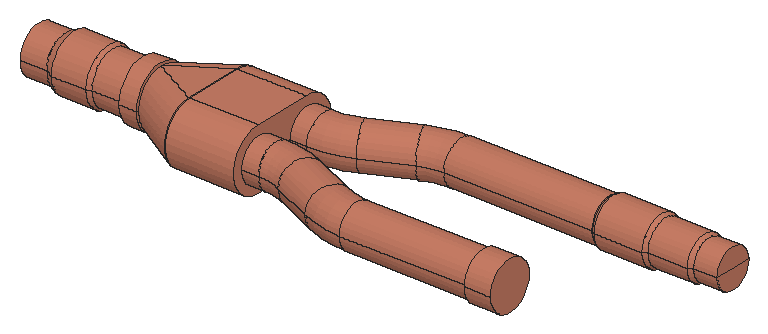
Revit family "Y_Branch-JCI-Cu_ACR-FxFxF-Heat_Pump-SA", category Pipe Fittings, Revit 2014
Parameters (values of type "Standard")
  Weight [instance] = 0.00 lbf
  URL = "http://www.johnsoncontrols.com/"
  Type Comments = "For use with copper ACR pipework"
  Tick Size 2 [instance] = Fitting Outside Diameter 2 * 0.4  # 1/2"
  Tick Size 1 [instance] = Fitting Outside Diameter 1 * 0.4  # 0.55"
  Socket Outside Radius 3 [instance] = Fitting Outside Radius 3 + 1" / 16  # 9/16"
  Socket Outside Radius 2 [instance] = Fitting Outside Radius 2 + 1/16"  # 11/16"
  Socket Outside Radius 1 [instance] = Fitting Outside Radius 1 + 1" / 16  # 3/4"
  Reducer 1 Length = 2"
  Pipe Radius 3 [instance] = Socket Outside Radius 3 + 1" / 8  # 11/16"
  Pipe Radius 2 [instance] = if(Nominal Diameter 1 > 1", Fitting Outside Radius 1 + 1" / 16, Fitting Outside Radius 1 + 1" / 8)  # 3/4"
  Pipe Radius 1 [instance] = if(Nominal Diameter 1 > 1", Fitting Outside Radius 1 + 1" / 8, Fitting Outside Radius 1 + 1" / 16)  # 13/16"
  Nominal Radius 3 [instance] = 7/16"
  Nominal Radius 2 [instance] = 9/16"
  Nominal Radius 1 [instance] = 5/8"
  Nominal Diameter 3 [instance] = Nominal Radius 3 * 2  # 7/8"
  Nominal Diameter 2 [instance] = Nominal Radius 2 * 2  # 1 1/8"
  Nominal Diameter 1 [instance] = Nominal Radius 1 * 2  # 1 1/4"
  Model = "21SA"
  Manufacturer = "Johnson Controls International"
  Manifold Length = 4"
  Loss Method = K Coefficient from Table
  Lookup Table Name = "Y_Branch-JCI-Cu_ACR-FxFxF-Heat_Pump-SA"
  Length 5 [instance] = Length 4 / tan(Angle 1)  # 2.14451"
  Length 4 [instance] = 1"
  Length 3 [instance] = Center Radius * tan(Angle 1 / 2)  # 0.49881"
  Length 2 [instance] = Reducer 1 Length + 1"  # 3"
  Length 1 [instance] = Pipe Radius 2 + 1" / 8  # 7/8"
  Fitting Outside Radius 3 [instance] = Fitting Outside Diameter 3 / 2  # 1/2"
  Fitting Outside Diameter 3 [instance] = Nominal Diameter 3 + 1/8"  # 1"
  End to End 2 [instance] = size_lookup(Lookup Table Name, "EtE2", 14 1/2", Nominal Diameter 1, Nominal Diameter 2, Nominal Diameter 3)  # 15.03937"
  End to End 1 [instance] = size_lookup(Lookup Table Name, "EtE1", 18", Nominal Diameter 1, Nominal Diameter 2, Nominal Diameter 3)  # 18.46457"
  K Coefficient Table = "Converging/Diverging Tee/Wye"
  built-in parameter 1114238 [instance] = (empty or 0)
  Fitting Outside Radius 2 [instance] = Fitting Outside Diameter 2 / 2  # 5/8"
  Fitting Outside Radius 1 [instance] = Fitting Outside Diameter 1 / 2  # 11/16"
  Fitting Outside Diameter 2 [instance] = Nominal Diameter 2 + 1/8"  # 1 1/4"
  Fitting Outside Diameter 1 [instance] = Nominal Diameter 1 + 1/8"  # 1 3/8"
  Description = "Y Branch"
  Copyright © = "Copyright © 2001-2017 Johnson Controls"  # constant formula
  Center Radius [instance] = Nominal Diameter 2 * 2  # 2 1/4"
  Branch Center to Center [instance] = size_lookup(Lookup Table Name, "BCtC", 3 1/2", Nominal Diameter 1, Nominal Diameter 2, Nominal Diameter 3)  # 3.74016"
  Body Material = Metal - JCI - Copper
  Assembly Code = "D2090800"
  Angle 1 [instance] = 25.00°  # constant formula
Reference planes (in)
  plane 1 "Center (Front/Back)": y = 0
  plane 2 "CC": z = 0
  plane 3 "Center (Left/Right)": x = 0
  plane 4: x = 18.46457
  plane 5: x = 15.03937
  plane 6: x = 2
  plane 7: x = 1
  plane 8: x = 3
  plane 9: x = 3.5
  plane 10: x = 7
  plane 11: x = 5
  plane 12: y = 1.87008
  plane 13: y = -1.87008
  plane 14: x = 10.64213
  plane 15: x = 0.75
  plane 16: y = 0.87008
  plane 17: y = -0.87008
  plane 18: x = 7.5
  plane 19: y = -0.37992
  plane 20: y = 3.12008
  plane 21: x = 7.99881
  plane 22: x = 10.14332
  plane 23: y = 0.37992
  plane 24: y = -3.12008
  plane 25: x = 14.28937
  plane 26: x = 17.77953
  plane 27: x = 16.40945
  plane 28: y = -0.37992
  plane 29: y = 3.12008
  plane 30: y = 0.37992
  plane 31: y = -3.12008
  plane 32: x = 15.72441
  plane 33: x = 17.09449
  plane 34: x = 14.91437
Forms (in)
  Revolve 1, solid, material "Metal - JCI - Copper" <- "Body Material", detail levels fine
    sketch origin (0, 0, 0) x (0, -1, 0) y (1, 0, 0)
      loop
        line (-0.6875, 0) -> (0, 0) -> (0, 3.5) -> (-0.875, 3.5) -> (-0.875, 3) -> (-0.75, 3) -> (-0.75, 2.10825) -> (-0.8125, 2) -> (-0.8125, 1) -> (-0.6875, 0.75) -> (-0.6875, 0)
      axis (0, 0) -> (0, 3.5)
    angle from 0 to 360
  Blend 2, solid, material "Metal - JCI - Copper" <- "Body Material", detail levels fine
    base sketch origin (0, 0, 0) x (0, 1, 0) y (0, 0, 1)
      loop
        arc (-0.01563, 0.8125) -> (-0.82813, 0) -> (-0.01563, -0.8125) r 0.8125
        line (-0.01563, -0.8125) -> (0.01562, -0.8125)
        arc (0.01562, -0.8125) -> (0.82812, 0) -> (0.01562, 0.8125) r 0.8125
        line (0.01562, 0.8125) -> (-0.01563, 0.8125)
    top sketch origin (0, 0, 0) x (0, 1, 0) y (0, 0, 1)
      loop
        arc (0.87008, -0.875) -> (1.74508, 0) -> (0.87008, 0.875) r 0.875
        line (0.87008, 0.875) -> (-0.87008, 0.875)
        arc (-0.87008, 0.875) -> (-1.74508, 0) -> (-0.87008, -0.875) r 0.875
        line (-0.87008, -0.875) -> (0.87008, -0.875)
    from 3.5 to 5
  Extrusion 3, solid, material "Metal - JCI - Copper" <- "Body Material", detail levels fine
    sketch origin (0, 0, 0) x (0, 1, 0) y (0, 0, 1)
      loop
        arc (0.87008, -0.875) -> (1.74508, 0) -> (0.87008, 0.875) r 0.875
        line (0.87008, 0.875) -> (-0.87008, 0.875)
        arc (-0.87008, 0.875) -> (-1.74508, 0) -> (-0.87008, -0.875) r 0.875
        line (-0.87008, -0.875) -> (0.87008, -0.875)
    from 5 to 7
  Sweep 4, solid, material "Metal - JCI - Copper" <- "Body Material", detail levels fine
    path origin (0, 0, 0) x (1, 0, 0) y (0, 1, 0)
      loop
        line (7, 0.87008) -> (7.5, 0.87008)
        arc (7.5, 0.87008) -> (7.98699, 0.92341) -> (8.45089, 1.08089) r 2.25
        line (8.45089, 1.08089) -> (9.69124, 1.65927)
        arc (9.69124, 1.65927) -> (10.15514, 1.81674) -> (10.64213, 1.87008) r 2.25
        line (10.64213, 1.87008) -> (14.91437, 1.87008)
    profile origin (7.5, 0.87008, 0) x (0, 1, 0) y (0, 0, 1)
      loop
        circle (0, 0) r 0.625
  Sweep 5, solid, material "Metal - JCI - Copper" <- "Body Material", detail levels fine
    path origin (0, 0, 0) x (1, 0, 0) y (0, 1, 0)
      loop
        line (14.28937, -1.87008) -> (10.64213, -1.87008)
        arc (10.64213, -1.87008) -> (10.15514, -1.81674) -> (9.69124, -1.65927) r 2.25
        line (9.69124, -1.65927) -> (8.45089, -1.08089)
        arc (8.45089, -1.08089) -> (7.98699, -0.92341) -> (7.5, -0.87008) r 2.25
        line (7.5, -0.87008) -> (7, -0.87008)
    profile origin (14.28937, -1.87008, 0) x (0, -1, 0) y (0, 0, 1)
      loop
        circle (0, 0) r 0.625
  Revolve 6, solid, material "Metal - JCI - Copper" <- "Body Material", detail levels fine
    sketch origin (0, 0, 0) x (1, 0, 0) y (0, 1, 0)
      loop
        line (14.91437, 1.87008) -> (18.46457, 1.87008) -> (18.46457, 2.43258) -> (17.77953, 2.43258) -> (17.67127, 2.49508) -> (16.5177, 2.49508) -> (16.40945, 2.55758) -> (15.03937, 2.55758) -> (14.91437, 2.49508) -> (14.91437, 1.87008)
      axis (14.91437, 1.87008) -> (18.46457, 1.87008)
    angle from 0 to 360
  Extrusion 7, solid, material "Metal - JCI - Copper" <- "Body Material", detail levels fine
    sketch origin (0, 0, 0) x (0, 1, 0) y (0, 0, 1)
      loop
        circle (-1.87008, 0) r 0.6875
    from 14.28937 to 15.03937
Lines and regions (in)
  model lines, detail levels coarse+medium
    curve 1: line (0, 0.55, 0) -> (0, -0.55, 0)
    curve 7: arc (7.5, 0.87008, 0) -> (7.98699, 0.92341, 0) -> (8.45089, 1.08089, 0) r 2.25
    curve 8: arc (10.64213, 1.87008, 0) -> (10.15514, 1.81674, 0) -> (9.69124, 1.65927, 0) r 2.25
    curve 9: line (8.45089, 1.08089, 0) -> (9.69124, 1.65927, 0)
    curve 10: line (18.46457, 2.42008, 0) -> (18.46457, 1.32008, 0)
    curve 11: line (15.03937, -1.32008, 0) -> (15.03937, -2.42008, 0)
    curve 13: arc (7.5, -0.87008, 0) -> (7.98699, -0.92341, 0) -> (8.45089, -1.08089, 0) r 2.25
    curve 14: arc (10.64213, -1.87008, 0) -> (10.15514, -1.81674, 0) -> (9.69124, -1.65927, 0) r 2.25
    curve 15: line (8.45089, -1.08089, 0) -> (9.69124, -1.65927, 0)
  model lines, style "PipeFitting", detail levels coarse+medium
    curve 2: line (7.5, 0.87008, 0) -> (5, 0.87008, 0)
    curve 3: line (10.64213, 1.87008, 0) -> (18.46457, 1.87008, 0)
    curve 4: line (5, 0.87008, 0) -> (5, -0.87008, 0)
    curve 5: line (5, -0.87008, 0) -> (7.5, -0.87008, 0)
    curve 6: line (0, 0, 0) -> (5, 0, 0)
    curve 12: line (10.64213, -1.87008, 0) -> (15.03937, -1.87008, 0)
  model lines, style "PipeFittingCenterLine", detail levels fine
    curve 16: line (7.5, 0.87008, 0) -> (5, 0.87008, 0)
    curve 17: line (10.64213, 1.87008, 0) -> (18.46457, 1.87008, 0)
    curve 18: line (5, 0.87008, 0) -> (5, -0.87008, 0)
    curve 19: line (5, -0.87008, 0) -> (7.5, -0.87008, 0)
    curve 20: line (0, 0, 0) -> (5, 0, 0)
    curve 21: arc (7.5, 0.87008, 0) -> (7.98699, 0.92341, 0) -> (8.45089, 1.08089, 0) r 2.25
    curve 22: arc (10.64213, 1.87008, 0) -> (10.15514, 1.81674, 0) -> (9.69124, 1.65927, 0) r 2.25
    curve 23: line (8.45089, 1.08089, 0) -> (9.69124, 1.65927, 0)
    curve 24: line (10.64213, -1.87008, 0) -> (15.03937, -1.87008, 0)
    curve 25: arc (7.5, -0.87008, 0) -> (7.98699, -0.92341, 0) -> (8.45089, -1.08089, 0) r 2.25
    curve 26: arc (10.64213, -1.87008, 0) -> (10.15514, -1.81674, 0) -> (9.69124, -1.65927, 0) r 2.25
    curve 27: line (8.45089, -1.08089, 0) -> (9.69124, -1.65927, 0)
Dimensions and locks (in)
  "End to End 1": plane 3 "Center (Left/Right)" to plane 4
  "End to End 2": plane 3 "Center (Left/Right)" to plane 5
  "Reducer 1 Length": plane 3 "Center (Left/Right)" to plane 6
  locked: plane 8 to plane 9 at 0.5
  "Manifold Length": plane 8 to plane 10
  equal spacing: plane 8, plane 11, plane 10
  equal spacing: plane 12, plane 1 "Center (Front/Back)", plane 13
  "Branch Center to Center": plane 12 to plane 13
  equal spacing: plane 3 "Center (Left/Right)", plane 7, plane 6
  "Fitting Outside Radius 1": Revolve 1 sketch curve to Revolve 1 sketch curve
  "Length 1": Revolve 1 sketch curve to Revolve 1 sketch curve
  "Length 4": plane 12 to plane 16
  "Length 4": plane 17 to plane 13
  locked: plane 1 "Center (Front/Back)" to Blend 2 sketch curve at 0.01562
  locked: Blend 2 sketch curve to plane 1 "Center (Front/Back)" at 0.01562
  locked: plane 10 to plane 18 at 0.5
  "Center Radius": plane 12 to plane 19
  "Center Radius": plane 20 to plane 16
  "Length 5": plane 21 to plane 22
  "Length 3": plane 18 to plane 21
  "Length 3": plane 22 to plane 14
  "Center Radius": plane 17 to plane 24
  "Center Radius": plane 23 to plane 13
  plane 25 to plane 5 = 3/4"
  equal spacing: plane 5, plane 32, plane 27, plane 33, plane 26, plane 4
  equal spacing: Revolve 6 sketch curve, Revolve 6 sketch curve, Revolve 6 sketch curve
  "Socket Outside Radius 3": Revolve 6 sketch curve to Revolve 6 sketch curve
  "Pipe Radius 3": Revolve 6 sketch curve to Revolve 6 sketch curve
  "Center Radius": plane 29 to plane 16
  "Center Radius": plane 12 to plane 28
  equal spacing: curve 11, plane 13, curve 11
  equal spacing: curve 10, plane 12, curve 10
  "Tick Size 1": curve 10 to plane 12
  "Tick Size 1": curve 11 to plane 13
  "Center Radius": plane 31 to plane 17
  "Center Radius": plane 13 to plane 30
  equal spacing: curve 1, plane 1 "Center (Front/Back)", curve 1
  "Tick Size 1": plane 1 "Center (Front/Back)" to curve 1
  "Pipe Radius 1": Revolve 1 sketch curve to Revolve 1 sketch curve
  "Pipe Radius 2": Revolve 1 sketch curve to Revolve 1 sketch curve
  locked: plane 15 to plane 7 at 0.25
  locked: plane 34 to plane 5 at 0.125
  "Fitting Outside Radius 2": Revolve 6 sketch curve to Revolve 6 sketch curve
  "Length 2": plane 3 "Center (Left/Right)" to plane 8
  "Length 1": radius of Blend 2 sketch curve  (x2)
  "Length 1": radius of Extrusion 3 sketch curve  (x2)
  "Center Radius": radius of Sweep 4 sketch curve
  "Fitting Outside Radius 2": radius of Sweep 4 sketch curve
  "Fitting Outside Radius 2": radius of Sweep 5 sketch curve
  "Center Radius": radius of Sweep 5 sketch curve  (x2)
  "Socket Outside Radius 2": radius of Extrusion 7 sketch curve
  "Center Radius": radius of curve 7
  "Center Radius": radius of curve 8
  "Pipe Radius 1": radius of Blend 2 sketch curve  (x2)
  "Angle 1": angle Sweep 4 sketch curve to Sweep 4 sketch curve  (x2)
  "Angle 1": angle plane 16 to Sweep 4 sketch curve
  "Angle 1": angle Sweep 5 sketch curve to Sweep 5 sketch curve  (x2)
  locked: Revolve 6 sketch curve to Revolve 6 sketch curve (angle 150.00°)  (x2)
  "Angle 1": angle curve 8 to curve 8
  "Angle 1": angle curve 7 to curve 7
  "Angle 1": angle curve 14 to curve 14
  "Angle 1": angle curve 13 to curve 13
  "Angle 1": angle curve 22 to curve 22
  "Angle 1": angle curve 21 to curve 21
  "Angle 1": angle curve 26 to curve 26
  "Angle 1": angle curve 25 to curve 25
  aligned and locked: plane 2 "CC" to level
  aligned and locked: plane 1 "Center (Front/Back)" to Revolve 1 sketch curve
  aligned and locked: Revolve 1 sketch curve to Revolve 1 sketch curve
  aligned and locked: plane 15 to Revolve 1 sketch curve
  aligned and locked: Revolve 1 sketch curve to plane 3 "Center (Left/Right)"
  aligned and locked: plane 6 to Revolve 1 sketch curve
  aligned and locked: plane 7 to Revolve 1 sketch curve
  aligned and locked: plane 9 to Revolve 1 sketch curve
  aligned and locked: Revolve 1 sketch curve to plane 8
  aligned and locked: level to Blend 2 sketch curve  (x3)
  aligned and locked: plane 11 to Blend 2
  aligned and locked: Blend 2 to plane 9
  aligned and locked: plane 16 to Blend 2 sketch curve
  aligned and locked: plane 17 to Blend 2 sketch curve
  aligned and locked: plane 16 to Extrusion 3 sketch curve
  aligned and locked: level to Extrusion 3 sketch curve  (x2)
  aligned and locked: plane 17 to Extrusion 3 sketch curve
  aligned and locked: Extrusion 3 to plane 11
  aligned and locked: plane 10 to Extrusion 3
  aligned and locked: plane 14 to curve 3
  aligned and locked: plane 18 to curve 2
  aligned and locked: plane 18 to Sweep 4 sketch curve  (x2)
  aligned and locked: plane 20 to Sweep 4 sketch curve
  aligned and locked: plane 12 to Sweep 4 sketch curve
  aligned and locked: plane 14 to Sweep 4 sketch curve  (x2)
  aligned and locked: plane 19 to Sweep 4 sketch curve
  aligned and locked: profile plane to Sweep 4 sketch curve  (x2)
  aligned and locked: profile plane to Sweep 5 sketch curve  (x2)
  aligned and locked: plane 13 to Sweep 5 sketch curve
  aligned and locked: plane 14 to Sweep 5 sketch curve  (x2)
  aligned and locked: plane 10 to Sweep 5 sketch curve
  aligned and locked: plane 18 to Sweep 5 sketch curve  (x2)
  aligned and locked: Sweep 5 sketch curve to plane 17
  aligned and locked: plane 23 to Sweep 5 sketch curve
  aligned and locked: plane 24 to Sweep 5 sketch curve
  aligned and locked: Revolve 6 sketch curve to plane 12
  aligned and locked: Revolve 6 sketch curve to Revolve 6 sketch curve
  aligned and locked: plane 4 to Revolve 6 sketch curve
  aligned and locked: plane 26 to Revolve 6 sketch curve
  aligned and locked: plane 27 to Revolve 6 sketch curve
  aligned and locked: plane 13 to Extrusion 7 sketch curve
  aligned and locked: level to Extrusion 7 sketch curve
  aligned and locked: curve 5 to plane 17
  aligned and locked: curve 4 to plane 11
  aligned and locked: plane 18 to curve 5
  aligned and locked: plane 1 "Center (Front/Back)" to curve 6
  aligned and locked: plane 3 "Center (Left/Right)" to curve 6
  aligned and locked: plane 11 to curve 6
  aligned and locked: plane 29 to curve 7
  aligned and locked: plane 18 to curve 7
  aligned and locked: plane 14 to curve 8
  aligned and locked: plane 28 to curve 8
  aligned and locked: curve 10 to plane 4
  aligned and locked: plane 4 to curve 3
  aligned and locked: plane 31 to curve 13
  aligned and locked: plane 30 to curve 14
  aligned and locked: curve 12 to plane 13
  aligned and locked: plane 18 to curve 13
  aligned and locked: curve 1 to plane 3 "Center (Left/Right)"
  aligned and locked: Revolve 6 sketch curve to plane 34
  aligned and locked: plane 25 to Sweep 5 sketch curve
  aligned and locked: Extrusion 7 to plane 25
  aligned and locked: plane 5 to Extrusion 7
  aligned and locked: plane 34 to Sweep 4 sketch curve
  aligned and locked: curve 11 to plane 5
Automatic sketch dimensions
  Extrusion 3 sketch curve to plane 16 = 0"
  Revolve 6 sketch curve to plane 5 = 0"
  Revolve 6 sketch curve to plane 8 = 1.08667"
  Revolve 6 sketch curve to Revolve 6 sketch curve = 7.19833"
  Blend 2 sketch curve to level = 0"
  Revolve 1 sketch curve to Revolve 1 sketch curve = 7.8188"
  plane 6 to Revolve 1 sketch curve = 0.10825"
  plane 4 to Revolve 1 sketch curve = 4.2162"
  curve 14 to plane 14 = 0"
  plane 1 "Center (Front/Back)" to curve 20 = 0"
  Sweep 4 sketch curve to plane 10 = 0"
Connectors (in)
  piping at (0, 0, 0), diameter 1.25, driven by "Nominal Radius 1"
    settings: on Revolve 1, index 1, connector inside diameter 24", connector length 0", flow factor 0, pipe flow 0 GPM, pressure drop 0.00 psi, fitting loss kfactor 0, connector angle 0.00°, fixture units 0, engagement length 0", angle of deflection 0.00°, flow configuration 0, flow direction 0, fitting loss method 0, system type 28, joint type 0, gender type 0, connector reference index -1, connector utility 0, adjustable connector no, is connector primary yes, connector description ""
  piping at (15.03937, -1.87008, 0), diameter 1.125, driven by "Nominal Radius 2"
    settings: on Extrusion 7, index 2, connector inside diameter 24", connector length 0", flow factor 0, pipe flow 0 GPM, pressure drop 0.00 psi, fitting loss kfactor 0, connector angle 0.00°, fixture units 0, engagement length 0", angle of deflection 0.00°, flow configuration 0, flow direction 0, fitting loss method 0, system type 28, joint type 0, gender type 0, connector reference index -1, connector utility 0, adjustable connector no, is connector primary no, connector description ""
  piping at (18.46457, 1.87008, 0), diameter 0.875, driven by "Nominal Radius 3"
    settings: on Revolve 6, index 3, connector inside diameter 24", connector length 0", flow factor 0, pipe flow 0 GPM, pressure drop 0.00 psi, fitting loss kfactor 0, connector angle 0.00°, fixture units 0, engagement length 0", angle of deflection 0.00°, flow configuration 0, flow direction 0, fitting loss method 0, system type 28, joint type 0, gender type 0, connector reference index -1, connector utility 0, adjustable connector no, is connector primary no, connector description ""
